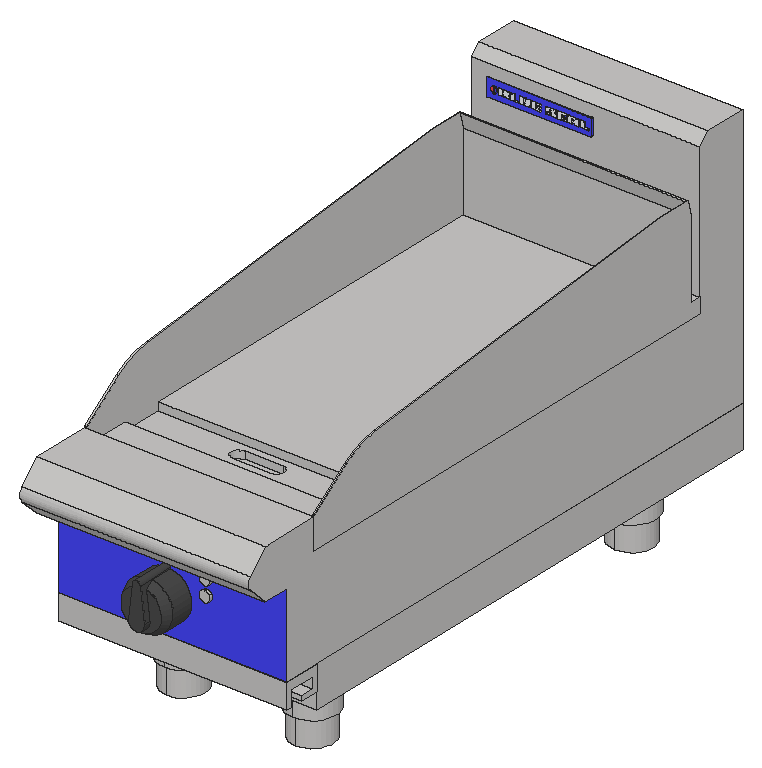
Revit family "QF_MOFFAT_BLUESEAL_CE_E512C-B", category Specialty Equipment, Revit 2012
Parameters
  Width = 300 mm
  Weight in Pounds = 70  # constant formula
  Watts = 3400 W
  Volts = 230 V
  URL Cutsheet = "www.moffat.com"
  URL = "www.moffat.com"
  Type Mark [instance] = ""
  Status [instance] = ""
  Specification by User [instance] = ""
  Specification by Manufacturer = ""
  Show Logo [instance] = yes
  Serial Number = ""
  Seismic Rating = ""
  SMACNA No = ""
  Revision Code [instance] = ""
  Phase = 1
  Omniclass Number and Title = ""
  Number of Poles = 1
  NAFEM Spec ID Number = ""
  Model = "E512C-B"
  Min Ckt Ampacity = 0 A
  Max Overcurrent Protection = 0 A
  Masterspec = ""
  Manufacturer = "MOFFAT BLUESEAL"
  Keynote = ""
  Item Number [instance] = ""
  Installed By [instance] = ""
  Identify Quantity as Lot [instance] = yes
  HP = ""
  Furnished By [instance] = ""
  Foodservice Equipment Identifier [instance] = yes
  FL Amps = 14.2 A
  Elec Conn RI Height = 0 mm
  Elec Conn Connection Height = 0 mm
  Description = "300MM ELECTRIC GRIDDLE PLATE BENCH MOUNT"
  Depth = 812 mm
  Cycle = 50 Hz
  Conn Plug = ""
  Conn Conduit = yes
  CSI MasterFormat = ""
  CSI Master Format = ""
  Base Height [instance] = 85 mm
  Apparent Power = if(Phase = 3, Volts * FL Amps * 1.73, Volts * FL Amps)  # 3266 VA
Reference planes
  plane 1 "BACK": y = 0
  plane 2: z = 0
  plane 3 "LEFT": x = 0
  plane 4 "RIGHT": x = 300
  plane 5 "FRONT": y = -812
  plane 6 "TOP": z = 370
  plane 7 "Center Y": x = 150
  plane 8 "Center X": y = -406
  plane 9 "Base Height": z = 85
  plane 10: x = 200
  plane 11: z = 110
  plane 12: y = -31
  plane 13: z = 485
  plane 14: y = -100
  plane 15: y = -625
Forms (mm)
  Extrusion 1, solid, material "QF_Finishes_Stainless Steel"
    sketch origin (0, 0, 0) x (0, 1, 0) y (0, 0, 1)
      loop
        line (-749, 250) -> (-749, 140) -> (0, 140) -> (0, 485) -> (-57.5, 485) -> (-70, 472.5) -> (-70, 275) -> (-705, 275) -> (-705, 315) -> (-783.97, 315) -> (-808.485, 290.485)
        arc (-808.485, 290.485) -> (-811.999, 282) -> (-808.485, 273.515) r 12
        line (-808.485, 273.515) -> (-784.97, 250) -> (-749, 250)
      loop
        line (0, 85) -> (0, 139.206) -> (-699, 139.206) -> (-699, 85) -> (0, 85)
      loop
        line (-749, 139.206) -> (-749, 107.019) -> (-742.6, 107.019) -> (-742.6, 127.806) -> (-706.181, 127.806) -> (-706.181, 113.419) -> (-724.781, 113.419) -> (-724.781, 107.019) -> (-699.806, 107.019) -> (-699.806, 139.206) -> (-749, 139.206)
    from 0 to 300
  Revolve 2, solid, material "QF_Finishes_Stainless Steel"
    sketch origin (234.5, -728, 0) x (0, 1, 0) y (0, 0, -1)
      loop
        line (71.25, -85) -> (103, -85) -> (103, 0) -> (75.5, 0) -> (75.5, -35) -> (71.25, -35) -> (71.25, -85)
      axis (103, -85) -> (103, 0)
    angle from 0 to 360
  Revolve 3, solid, material "QF_Finishes_Stainless Steel"
    sketch origin (234.5, -211, 0) x (0, 1, 0) y (0, 0, -1)
      loop
        line (79.25, -85) -> (111, -85) -> (111, 0) -> (83.5, 0) -> (83.5, -35) -> (79.25, -35) -> (79.25, -85)
      axis (111, -85) -> (111, 0)
    angle from 0 to 360
  Revolve 4, solid, material "QF_Finishes_Stainless Steel"
    sketch origin (65.5, -728, 0) x (0, 1, 0) y (0, 0, 1)
      loop
        line (71.25, 85) -> (71.25, 35) -> (75.5, 35) -> (75.5, 0) -> (103, 0) -> (103, 85) -> (71.25, 85)
      axis (103, 85) -> (103, 0)
    angle from 0 to 360
  Revolve 5, solid, material "QF_Finishes_Stainless Steel"
    sketch origin (65.5, -211, 0) x (0, 1, 0) y (0, 0, 1)
      loop
        line (79.25, 85) -> (79.25, 35) -> (83.5, 35) -> (83.5, 0) -> (111, 0) -> (111, 85) -> (79.25, 85)
      axis (111, 85) -> (111, 0)
    angle from 0 to 360
  Revolve 6, solid, material "QF_Finishes_Black"
    sketch origin (150, 0, 22.808) x (0, -1, 0) y (0, 0, -1)
      loop
        line (789, -204.605) -> (800, -198.757) -> (800, -172.105) -> (749, -172.105) -> (749, -177.105) -> (759, -177.105) -> (759, -204.605) -> (789, -204.605)
      axis (800, -172.105) -> (749, -172.105)
    angle from 0 to 360
  Extrusion 7, solid, material "QF_Finishes_Black"
    sketch origin (290.933, 0, -79.102) x (-1, 0, 0) y (0, 0, -1)
      loop
        line (130.512, -263.597) -> (135.932, -306.515)
        arc (135.932, -306.515) -> (140.931, -311.402) -> (145.93, -306.515) r 5
        line (145.93, -306.515) -> (151.418, -262.43)
        arc (151.418, -262.43) -> (140.347, -251.931) -> (130.512, -263.597) r 10.487
    from 759 to 808
  Extrusion 8, solid, material "QF_Finishes_Stainless Steel"
    sketch origin (0, 0, 85) x (-1, 0, 0) y (0, 1, 0)
      loop
        circle (-200.073, -32) r 6.35
    from 0 to 1.6
  Extrusion 9, solid, material "QF_Finishes_Stainless Steel"
    sketch origin (16.607, -749, 266) x (0, 0, -1) y (1, 0, 0)
      loop
        circle (40.7, 178.4) r 7.15
      loop
        circle (60.7, 178.4) r 7.15
    from 0 to 3.2
Cuts and joins
  joined: Revolve 6, Extrusion 7
Lines and regions (mm)
  Split face 1
    outline origin (0, -56.5, 485) x (0, 1, 0) y (-1, 0, 0)
      loop
        arc (38.115, -32.794) -> (33.115, -24.134) -> (23.115, -24.134) r 10
        line (23.115, -24.134) -> (16.115, -28.176)
        arc (16.115, -28.176) -> (12.455, -31.836) -> (11.115, -36.836) r 10
        line (11.115, -36.836) -> (11.115, -264.794)
        arc (11.115, -264.794) -> (16.115, -273.455) -> (26.115, -273.455) r 10
        line (26.115, -273.455) -> (33.115, -269.413)
        arc (33.115, -269.413) -> (36.775, -265.753) -> (38.115, -260.753) r 10
        line (38.115, -260.753) -> (38.115, -32.794)
  symbolic lines
    curve 1: line (0, 0, 0) -> (0, -812, 0)
    curve 2: line (300, 0, 0) -> (0, 0, 0)
    curve 3: line (300, -812, 0) -> (300, 0, 0)
    curve 4: line (0, -70, 0) -> (300, -70, 0)
    curve 5: line (0, -812, 0) -> (300, -812, 0)
    curve 6: line (300, -705, 0) -> (0, -705, 0)
    curve 7: line (0, -783.97, 0) -> (300, -783.97, 0)
    curve 8: line (0, -57.5, 0) -> (300, -57.5, 0)
    curve 9: line (2, -705, 0) -> (2, -85, 0)
    curve 10: line (2, -85, 0) -> (0, -85, 0)
    curve 11: line (298, -85, 0) -> (300, -85, 0)
    curve 12: line (298, -85, 0) -> (298, -705, 0)
    curve 13: line (260.753, -18.385, 0) -> (32.794, -18.385, 0)
    curve 14: arc (32.794, -18.385, 0) -> (24.134, -23.385, 0) -> (24.134, -33.385, 0) r 10
    curve 15: line (24.134, -33.385, 0) -> (28.176, -40.385, 0)
    curve 16: arc (28.176, -40.385, 0) -> (31.836, -44.045, 0) -> (36.836, -45.385, 0) r 10
    curve 17: line (36.836, -45.385, 0) -> (264.794, -45.385, 0)
    curve 18: arc (264.794, -45.385, 0) -> (273.455, -40.385, 0) -> (273.455, -30.385, 0) r 10
    curve 19: line (273.455, -30.385, 0) -> (269.413, -23.385, 0)
    curve 20: arc (269.413, -23.385, 0) -> (265.753, -19.725, 0) -> (260.753, -18.385, 0) r 10
Dimensions and locks
  equal spacing: plane 3 "LEFT", plane 7 "Center Y", plane 4 "RIGHT"
  "Width": plane 3 "LEFT" to plane 4 "RIGHT"
  equal spacing: plane 5 "FRONT", plane 8 "Center X", plane 1 "BACK"
  "Depth": plane 5 "FRONT" to plane 1 "BACK"
  equal spacing: plane 4 "RIGHT", plane 7 "Center Y", plane 3 "LEFT"
  plane 4 "RIGHT" to plane 3 "LEFT" = 300 mm
  plane 5 "FRONT" to plane 1 "BACK" = 812 mm
  "Base Height": plane 9 "Base Height" to level
  Revolve 6 sketch curve to Revolve 6 sketch curve to Revolve 6 sketch curve to Revolve 6 sketch curve = 5.849 mm locked, 21.651 mm locked, 5 mm locked
  plane 10 to plane 4 "RIGHT" = 100 mm
  plane 11 to level = 110 mm
  plane 12 to plane 1 "BACK" = 31 mm
  locked: plane 13 to plane 9 "Base Height" at 400
  plane 15 to plane 14 = 525 mm
  aligned and locked: level to plane 2
  aligned and locked: curve 3 to plane 4 "RIGHT"
  aligned and locked: Revolve 6 sketch curve to Extrusion 1
  aligned and locked: Extrusion 1 sketch curve to plane 13
Automatic sketch dimensions
  plane 1 "BACK" to curve 1 = 0 mm
  curve 1 to plane 3 "LEFT" = 0 mm
  plane 5 "FRONT" to curve 5 = 0 mm
  plane 3 "LEFT" to curve 9 = 2 mm
  curve 15 to plane 12 = 2.385 mm
  plane 3 "LEFT" to curve 15 = 24.134 mm
  curve 15 to curve 16 = 4.041 mm
  curve 14 to curve 13 = 8.66 mm
  curve 15 to curve 17 = 8.66 mm
  plane 12 to curve 20 = 12.615 mm
  plane 4 "RIGHT" to curve 20 = 39.247 mm
  curve 20 to curve 18 = 4.041 mm
  plane 12 to curve 19 = 7.615 mm
  curve 20 to curve 19 = 8.66 mm
  plane 12 to curve 18 = 0.615 mm
  curve 19 to curve 18 = 4.041 mm
  plane 4 "RIGHT" to curve 12 = 2 mm
  curve 7 to plane 5 "FRONT" = 28.03 mm
  curve 7 to curve 6 = 78.97 mm
  plane 14 to curve 10 = 15 mm
  plane 14 to curve 11 = 15 mm
  curve 11 to curve 4 = 15 mm
  curve 4 to curve 8 = 12.5 mm
  curve 18 to plane 12 = 14.385 mm
  curve 16 to curve 15 = 7 mm
  Extrusion 1 sketch curve to plane 9 "Base Height" = 0 mm
  Extrusion 1 sketch curve to plane 1 "BACK" = 0 mm  (x2)
  Extrusion 1 sketch curve to plane 12 = 26.5 mm
  Extrusion 1 sketch curve to Extrusion 1 sketch curve = 12.5 mm
  plane 11 to Extrusion 1 sketch curve = 29.206 mm
  Extrusion 1 sketch curve to plane 15 = 74 mm
  Extrusion 1 sketch curve to plane 11 = 2.981 mm  (x2)
  Extrusion 1 sketch curve to Extrusion 1 sketch curve = 0.806 mm
  Extrusion 1 sketch curve to plane 15 = 80 mm
  Extrusion 1 sketch curve to Extrusion 1 sketch curve = 6.376 mm
  Extrusion 1 sketch curve to Extrusion 1 sketch curve = 18.6 mm
  Extrusion 1 sketch curve to Extrusion 1 sketch curve = 17.819 mm
  Extrusion 1 sketch curve to Extrusion 1 sketch curve = 6.4 mm
  Extrusion 1 sketch curve to Extrusion 1 sketch curve = 0 mm  (x2)
  Extrusion 1 sketch curve to plane 5 "FRONT" = 28.03 mm
  Extrusion 1 sketch curve to plane 5 "FRONT" = 27.03 mm
  Extrusion 1 sketch curve to plane 5 "FRONT" = 12.001 mm
  Extrusion 1 sketch curve to plane 5 "FRONT" = 3.515 mm  (x2)
  plane 11 to Extrusion 1 sketch curve = 3.419 mm
  plane 11 to Extrusion 1 sketch curve = 17.806 mm
  Extrusion 1 sketch curve to Extrusion 1 sketch curve = 0.794 mm
  Extrusion 1 sketch curve to Extrusion 1 sketch curve = 110 mm
  Extrusion 1 sketch curve to Extrusion 1 sketch curve = 23.515 mm
  Extrusion 1 sketch curve to plane 6 "TOP" = 95 mm
  Extrusion 1 sketch curve to Extrusion 1 sketch curve = 8.485 mm
  Extrusion 1 sketch curve to Extrusion 1 sketch curve = 24.515 mm
  Extrusion 1 sketch curve to plane 13 = 12.5 mm
  Revolve 2 sketch curve to plane 9 "Base Height" = 0 mm
  Revolve 2 sketch curve to level = 0 mm
  Revolve 2 sketch curve to plane 15 = 0 mm  (x2)
  Revolve 2 sketch curve to plane 15 = 27.5 mm
  Revolve 2 sketch curve to plane 15 = 31.75 mm
  Revolve 2 sketch curve to Revolve 2 sketch curve = 30 mm
  Revolve 2 sketch curve to Revolve 2 sketch curve = 20 mm
  Revolve 2 sketch curve to Revolve 2 sketch curve = 55 mm
  Revolve 3 sketch curve to plane 9 "Base Height" = 0 mm
  Revolve 3 sketch curve to level = 0 mm
  Revolve 3 sketch curve to plane 14 = 0 mm  (x2)
  Revolve 3 sketch curve to Revolve 3 sketch curve = 27.5 mm
  Revolve 3 sketch curve to Revolve 3 sketch curve = 31.75 mm
  Revolve 3 sketch curve to Revolve 3 sketch curve = 30 mm
  Revolve 3 sketch curve to Revolve 3 sketch curve = 20 mm
  Revolve 3 sketch curve to Revolve 3 sketch curve = 55 mm
  Revolve 4 sketch curve to plane 9 "Base Height" = 0 mm
  Revolve 4 sketch curve to level = 0 mm
  Revolve 4 sketch curve to plane 15 = 0 mm  (x2)
  Revolve 4 sketch curve to Revolve 4 sketch curve = 27.5 mm
  Revolve 4 sketch curve to Revolve 4 sketch curve = 31.75 mm
  Revolve 4 sketch curve to Revolve 4 sketch curve = 55 mm
  level to Revolve 4 sketch curve = 35 mm
  Revolve 4 sketch curve to Revolve 4 sketch curve = 30 mm
  Revolve 5 sketch curve to plane 9 "Base Height" = 0 mm
  Revolve 5 sketch curve to level = 0 mm
  Revolve 5 sketch curve to plane 14 = 0 mm  (x2)
  Revolve 5 sketch curve to Revolve 5 sketch curve = 27.5 mm
  Revolve 5 sketch curve to Revolve 5 sketch curve = 31.75 mm
  Revolve 5 sketch curve to Revolve 5 sketch curve = 55 mm
  level to Revolve 5 sketch curve = 35 mm
  Revolve 5 sketch curve to Revolve 5 sketch curve = 30 mm
  Revolve 6 sketch curve to Revolve 6 sketch curve = 10 mm
  Revolve 6 sketch curve to Revolve 6 sketch curve = 21.3 mm
  Revolve 6 sketch curve to plane 5 "FRONT" = 23 mm
  Revolve 6 sketch curve to plane 5 "FRONT" = 12 mm
  Revolve 6 sketch curve to Revolve 6 sketch curve = 0 mm  (x2)
  plane 11 to Revolve 6 sketch curve = 117.413 mm
  plane 7 "Center Y" to Extrusion 7 sketch curve = 10.422 mm
  Extrusion 7 sketch curve to Extrusion 7 sketch curve = 5.421 mm
  Extrusion 7 sketch curve to Extrusion 7 sketch curve = 10.419 mm
  Extrusion 7 sketch curve to Extrusion 7 sketch curve = 4.999 mm  (x2)
  Extrusion 7 sketch curve to Extrusion 7 sketch curve = 10.487 mm
  plane 11 to Extrusion 7 sketch curve = 117.413 mm
  Extrusion 7 sketch curve to Extrusion 7 sketch curve = 0.113 mm
  Extrusion 7 sketch curve to Extrusion 7 sketch curve = 42.919 mm
  Extrusion 7 sketch curve to Extrusion 7 sketch curve = 1.167 mm
  Extrusion 1 to Extrusion 8 sketch curve = 32 mm
  Extrusion 8 sketch curve to Extrusion 1 = 99.927 mm
  Extrusion 9 sketch curve to Extrusion 1 = 24.7 mm
  Extrusion 9 sketch curve to Extrusion 9 sketch curve = 20 mm
  Extrusion 1 to Extrusion 9 sketch curve = 195.007 mm
  Extrusion 9 sketch curve to Extrusion 9 sketch curve = 0 mm
  Split face 1 sketch curve to Extrusion 1 = 12.115 mm
  Split face 1 sketch curve to Split face 1 sketch curve = 5 mm  (x3)
  Split face 1 sketch curve to Split face 1 sketch curve = 10 mm  (x2)
  Split face 1 sketch curve to Split face 1 sketch curve = 7 mm  (x4)
  Split face 1 sketch curve to Extrusion 1 = 26.545 mm
  Split face 1 sketch curve to Split face 1 sketch curve = 4.041 mm  (x2)
  Split face 1 sketch curve to Extrusion 1 = 36.836 mm
  radius of Extrusion 8 sketch curve = 6.35 mm
  radius of Extrusion 9 sketch curve = 7.15 mm  (x2)
Nested families
  nested 1: "WALDORF LOGO_FACE BASE" at (20.878, -70, 457.385) x (1, 0, 0) z (0, -1, 0), visible <- "Show Logo", type "WALDORF LOGO_FACE BASE", detail levels medium+fine
    with Show Logo yes
  nested 2: "ELECTRICAL GRIDDLE PLATE 300" at (0, -85, 274.5), type "ELECTRICAL GRIDDLE PLATE 300"
    with Width 300 mm, Type Mark "", Status "", Specification by User "", Revision Code "", Item Number "", Installed By "", Identify Quantity as Lot yes, Furnished By "", Foodservice Equipment Identifier yes, Depth 620 mm
Connectors
  electrical at (200.073, -32, 83.4), driven by "Volts", driven by "Watts"
    settings: on Extrusion 8, index 1, voltage 230 V, apparent load 3400 VA, apparent load phase1 0 VA, apparent load phase2 0 VA, apparent load phase3 0 VA, power factor 1, load classification "Other", number of poles 1, system type 30, power factor state 1, is connector primary yes, connector utility no, sub classification motor no, connector description "ELECTRICAL CONNECTION"
Definition of nested family "WALDORF LOGO_FACE BASE"
  Parameters (values of type "WALDORF LOGO_FACE BASE")
    Show Logo [instance] = yes
    Default Elevation = 1219.2 mm
  Reference planes
    plane 1 "Center (Front/Back)": y = 0
    plane 2: z = 0
    plane 3 "Center (Left/Right)": x = 0
  Forms (mm)
    Extrusion 1, solid
      sketch origin (0, 0, 0) x (1, 0, 0) y (0, 1, 0)
        loop
          line (-1219.2, 1219.2) -> (-1219.2, -1219.2) -> (1219.2, -1219.2) -> (1219.2, 1219.2) -> (-1219.2, 1219.2)
      from 0 to -304.8
    Extrusion 2, solid, material "QF_Finishes_Blue", visible <- "Show Logo"
      sketch origin (0, -33.217, 0) x (1, 0, 0) y (0, 1, 0)
        loop
          arc (138, 31.942) -> (137.626, 32.844) -> (136.724, 33.217) r 1.276
          line (136.724, 33.217) -> (1.29, 33.217)
          arc (1.29, 33.217) -> (0.378, 32.839) -> (0, 31.927) r 1.29
          line (0, 31.927) -> (0, 11.507)
          arc (0, 11.507) -> (0.378, 10.595) -> (1.29, 10.217) r 1.29
          line (1.29, 10.217) -> (136.71, 10.217)
          arc (136.71, 10.217) -> (137.622, 10.595) -> (138, 11.507) r 1.29
          line (138, 11.507) -> (138, 31.942)
      from 0 to 1.588
    Extrusion 3, solid, material "QF_Finishes_White", visible <- "Show Logo"
      sketch origin (0, -33.217, 1.588) x (1, 0, 0) y (0, 1, 0)
        loop
          arc (108.946, 25.919) -> (107.613, 25.367) -> (107.061, 24.034) r 1.885
          line (107.061, 24.034) -> (107.061, 17.211) -> (112.704, 17.211) -> (112.704, 19.129) -> (115.546, 19.129) -> (115.546, 17.211) -> (121.584, 17.211) -> (121.584, 24.075)
          arc (121.584, 24.075) -> (121.043, 25.379) -> (119.739, 25.919) r 1.845
          line (119.739, 25.919) -> (108.946, 25.919)
        loop
          line (123.478, 25.919) -> (123.478, 17.163) -> (134.904, 17.163) -> (134.904, 19.129) -> (129.246, 19.129) -> (129.246, 25.919) -> (123.478, 25.919)
        loop
          line (112.704, 21.258) -> (115.546, 21.258) -> (115.546, 22.702)
          arc (115.546, 22.702) -> (115.344, 23.188) -> (114.858, 23.389) r 0.687
          line (114.858, 23.389) -> (113.363, 23.389)
          arc (113.363, 23.389) -> (112.897, 23.196) -> (112.704, 22.73) r 0.658
          line (112.704, 22.73) -> (112.704, 21.258)
        loop
          line (105.071, 25.919) -> (93.771, 25.919) -> (93.771, 17.163) -> (105.071, 17.163) -> (105.071, 19.063) -> (99.535, 19.063) -> (99.535, 20.437) -> (105.071, 20.437) -> (105.071, 22.278) -> (99.535, 22.278) -> (99.535, 23.587) -> (105.071, 23.587) -> (105.071, 25.919)
        loop
          line (91.104, 25.919) -> (79.541, 25.919)
          arc (79.541, 25.919) -> (78.558, 25.513) -> (78.152, 24.53) r 1.389
          line (78.152, 24.53) -> (78.152, 22.08)
          arc (78.152, 22.08) -> (78.558, 21.098) -> (79.541, 20.691) r 1.389
          line (79.541, 20.691) -> (86.346, 20.691) -> (86.346, 18.864) -> (83.266, 18.864) -> (83.266, 19.664) -> (78.152, 19.664) -> (78.152, 18.553)
          arc (78.152, 18.553) -> (78.558, 17.57) -> (79.541, 17.163) r 1.389
          line (79.541, 17.163) -> (91.063, 17.163)
          arc (91.063, 17.163) -> (92.045, 17.57) -> (92.452, 18.553) r 1.389
          line (92.452, 18.553) -> (92.452, 20.691)
          arc (92.452, 20.691) -> (92.045, 21.673) -> (91.063, 22.08) r 1.389
          line (91.063, 22.08) -> (83.266, 22.08) -> (83.266, 23.984) -> (86.346, 23.984) -> (86.346, 22.743) -> (92.452, 22.743) -> (92.452, 24.571)
          arc (92.452, 24.571) -> (92.057, 25.524) -> (91.104, 25.919) r 1.348
        loop
          line (70.705, 25.919) -> (59.405, 25.919) -> (59.405, 17.163) -> (70.705, 17.163) -> (70.705, 19.063) -> (65.169, 19.063) -> (65.169, 20.437) -> (70.705, 20.437) -> (70.705, 22.278) -> (65.169, 22.278) -> (65.169, 23.587) -> (70.705, 23.587) -> (70.705, 25.919)
        loop
          line (57.598, 25.919) -> (51.7, 25.919) -> (51.7, 20.18)
          arc (51.7, 20.18) -> (50.63, 19.11) -> (49.56, 20.18) r 1.07
          line (49.56, 20.18) -> (49.56, 25.919) -> (43.663, 25.919) -> (43.663, 19.049)
          arc (43.663, 19.049) -> (44.215, 17.716) -> (45.548, 17.163) r 1.885
          line (45.548, 17.163) -> (55.71, 17.163)
          arc (55.71, 17.163) -> (57.045, 17.716) -> (57.598, 19.051) r 1.887
          line (57.598, 19.051) -> (57.598, 25.919)
        loop
          line (31.62, 25.919) -> (31.62, 17.163) -> (43.046, 17.163) -> (43.046, 19.129) -> (37.388, 19.129) -> (37.388, 25.919) -> (31.62, 25.919)
        loop
          line (15.969, 25.919) -> (15.969, 17.163) -> (28.693, 17.163)
          arc (28.693, 17.163) -> (29.812, 17.627) -> (30.276, 18.746) r 1.582
          line (30.276, 18.746) -> (30.276, 20.447) -> (29.48, 21.243) -> (30.276, 22.039) -> (30.276, 24.332)
          arc (30.276, 24.332) -> (29.811, 25.454) -> (28.688, 25.919) r 1.587
          line (28.688, 25.919) -> (15.969, 25.919)
        loop
          line (21.449, 24.159) -> (21.449, 22.436) -> (23.862, 22.436)
          arc (23.862, 22.436) -> (24.723, 23.298) -> (23.862, 24.159) r 0.861
          line (23.862, 24.159) -> (21.449, 24.159)
        loop
          line (21.449, 20.244) -> (21.449, 18.522) -> (23.862, 18.522)
          arc (23.862, 18.522) -> (24.723, 19.383) -> (23.862, 20.244) r 0.861
          line (23.862, 20.244) -> (21.449, 20.244)
      from 0 to 0.2
    Extrusion 4, solid, material "QF_Finishes_Blue", visible <- "Show Logo"
      sketch origin (-126.498, -31.09, 1.588) x (1, 0, 0) y (0, 1, 0)
        loop
          line (136.738, 23.522) -> (136.738, 15.1)
          arc (136.738, 15.1) -> (140.756, 19.311) -> (136.738, 23.522) r 4.216
      from 0 to 0.2
    Extrusion 5, solid, material "QF_Finishes_Red", visible <- "Show Logo"
      sketch origin (146.849, -31.09, 1.588) x (-1, 0, 0) y (0, -1, 0)
        loop
          arc (136.738, -23.522) -> (140.756, -19.311) -> (136.738, -15.1) r 4.216
          line (136.738, -15.1) -> (136.738, -23.522)
      from 0 to 0.2
  Lines and regions (mm)
    Split face 1
      outline origin (-90.35, -30.793, 1.588) x (1, 0, 0) y (0, 1, 0)
        loop
          circle (100.54, 19.013) r 4.536
  Dimensions and locks
    aligned and locked: plane 2 to Extrusion 1
    aligned and locked: level to Extrusion 1
Definition of nested family "ELECTRICAL GRIDDLE PLATE 300"
  Parameters (values of type "ELECTRICAL GRIDDLE PLATE 300")
    Width [instance] = 300 mm
    Weight in Pounds = 0
    URL Cutsheet = ""
    Type Mark [instance] = ""
    Status [instance] = ""
    Specification by User [instance] = ""
    Specification by Manufacturer = ""
    Serial Number = ""
    Seismic Rating = ""
    SMACNA No = ""
    Revision Code [instance] = ""
    Omniclass Number and Title = ""
    NAFEM Spec ID Number = ""
    Masterspec = ""
    Item Number [instance] = ""
    Installed By [instance] = ""
    Identify Quantity as Lot [instance] = yes
    Furnished By [instance] = ""
    Foodservice Equipment Identifier [instance] = yes
    Depth [instance] = 620 mm
    CSI MasterFormat = ""
    CSI Master Format = ""
  Reference planes
    plane 1 "BACK": y = 0
    plane 2: z = 0
    plane 3 "LEFT": x = 0
    plane 4 "RIGHT": x = 300
    plane 5 "FRONT": y = -620
    plane 6 "TOP": z = 142.5
    plane 7 "Center Y": x = 150
    plane 8 "Center X": y = -310
    plane 9: y = -530.997
    plane 10: y = -541.497
    plane 11: y = -503.25
    plane 12: y = -557.737
  Forms (mm)
    Extrusion 1, solid, material "QF_Finishes_Stainless Steel"
      sketch origin (0, 70.003, -874.5) x (0, 1, 0) y (0, 0, 1)
        loop
          line (-70, 875) -> (-70, 997.489) -> (-75.228, 1017) -> (-117.24, 1017) -> (-589.533, 971.523)
          arc (-589.533, 971.523) -> (-614.56, 965.803) -> (-637.306, 953.899) r 100
          line (-637.306, 953.899) -> (-690.003, 917) -> (-690.003, 875) -> (-70, 875)
      from 0 to 1.8
    Extrusion 2, solid, material "QF_Finishes_Stainless Steel"
      sketch origin (600, 70.003, -874.5) x (0, -1, 0) y (0, 0, 1)
        loop
          line (70, 875) -> (690.003, 875) -> (690.003, 917) -> (637.306, 953.899)
          arc (637.306, 953.899) -> (614.56, 965.803) -> (589.533, 971.523) r 100
          line (589.533, 971.523) -> (117.24, 1017) -> (75.228, 1017) -> (70, 997.489) -> (70, 875)
      from 300 to 301.2
    Extrusion 3, solid, material "QF_Finishes_Stainless Steel"
      sketch origin (150, 70.003, -874.5) x (0, 1, 0) y (0, 0, 1)
        loop
          line (-55, 895) -> (-573.253, 895) -> (-573.253, 884.5) -> (-627.74, 884.5) -> (-627.74, 895) -> (-690.003, 895) -> (-690.003, 875) -> (-55, 875) -> (-55, 895)
      from -148.2 to 150
    Extrusion 4, void
      sketch origin (150, -541.497, 10) x (0, -1, 0) y (1, 0, 0)
        loop
          arc (-7.497, 25) -> (-17.497, 35) -> (-27.497, 25) r 10
          line (-27.497, 25) -> (-27.497, -25)
          arc (-27.497, -25) -> (-17.497, -35) -> (-7.497, -25) r 10
          line (-7.497, -25) -> (-7.497, 25)
      from -41.4 to 40.142
    Extrusion 5, solid, material "QF_Finishes_Stainless Steel"
      sketch origin (0, 70.003, -874.5) x (0, 1, 0) y (0, 0, 1)
        loop
          line (-70, 875) -> (-70, 997.489) -> (-75.228, 1017) -> (-76.884, 1017) -> (-71.6, 997.278) -> (-71.6, 875) -> (-70, 875)
      from 0 to 298.8
  Cuts and joins
    Extrusion 4 cuts Extrusion 3
    joined: Extrusion 1, Extrusion 2, Extrusion 3, Extrusion 5
  Lines and regions (mm)
    symbolic lines
      curve 1: line (298.8, -503.25, 0) -> (1.8, -503.25, 0)
      curve 2: line (1.8, -557.737, 0) -> (298.8, -557.737, 0)
      curve 3: line (1.8, -1.68, 0) -> (298.8, -1.68, 0)
      curve 4: line (298.8, -1.68, 0) -> (298.8, -620, 0)
      curve 5: line (1.8, -620, 0) -> (1.8, -1.68, 0)
      curve 6: line (1.8, -620, 0) -> (298.8, -620, 0)
      curve 7: arc (175, -534, 0) -> (185, -524, 0) -> (175, -514, 0) r 10
      curve 8: line (175, -514, 0) -> (125, -514, 0)
      curve 9: arc (125, -514, 0) -> (115, -524, 0) -> (125, -534, 0) r 10
      curve 10: line (125, -534, 0) -> (175, -534, 0)
  Dimensions and locks
    equal spacing: plane 3 "LEFT", plane 7 "Center Y", plane 4 "RIGHT"
    "Width": plane 3 "LEFT" to plane 4 "RIGHT"
    equal spacing: plane 5 "FRONT", plane 8 "Center X", plane 1 "BACK"
    "Depth": plane 5 "FRONT" to plane 1 "BACK"
    locked: Extrusion 2 to Extrusion 2 at 1.2
    equal spacing: Extrusion 4 sketch curve, plane 7 "Center Y", Extrusion 4 sketch curve, locked at 35 each
    aligned and locked: level to plane 2
    aligned and locked: Extrusion 2 to plane 4 "RIGHT"
    aligned and locked: curve 1 to plane 11
    aligned and locked: plane 12 to curve 2
    aligned and locked: Extrusion 5 to cut or joined group of Extrusion 1, Extrusion 2, Extrusion 3, Extrusion 4, Extrusion 5
  Automatic sketch dimensions
    plane 5 "FRONT" to curve 6 = 0 mm
    plane 3 "LEFT" to curve 6 = 1.8 mm
    plane 11 to curve 8 = 10.75 mm
    curve 8 to plane 7 "Center Y" = 25 mm
    plane 7 "Center Y" to curve 7 = 25 mm
    plane 4 "RIGHT" to curve 4 = 1.2 mm
    curve 10 to curve 7 = 20 mm
    plane 1 "BACK" to curve 3 = 1.68 mm
    Extrusion 1 sketch curve to plane 5 "FRONT" = 0 mm
    Extrusion 1 sketch curve to plane 6 "TOP" = 0 mm
    plane 12 to Extrusion 1 sketch curve = 9.566 mm
    plane 11 to Extrusion 1 sketch curve = 16.28 mm
    Extrusion 1 sketch curve to level = 2.516 mm
    plane 11 to Extrusion 1 sketch curve = 6.695 mm
    plane 1 "BACK" to Extrusion 1 sketch curve = 47.237 mm
    plane 1 "BACK" to Extrusion 1 sketch curve = 5.225 mm
    Extrusion 1 sketch curve to plane 1 "BACK" = 0.003 mm
    level to Extrusion 1 sketch curve = 0.5 mm
    Extrusion 1 sketch curve to Extrusion 1 sketch curve = 42 mm
    Extrusion 1 sketch curve to plane 6 "TOP" = 63.101 mm
    Extrusion 1 sketch curve to plane 6 "TOP" = 19.511 mm
    Extrusion 2 sketch curve to plane 6 "TOP" = 0 mm
    Extrusion 2 sketch curve to plane 5 "FRONT" = 0 mm
    plane 12 to Extrusion 2 sketch curve = 9.566 mm
    plane 11 to Extrusion 2 sketch curve = 16.28 mm
    Extrusion 2 sketch curve to level = 2.516 mm
    plane 11 to Extrusion 2 sketch curve = 6.695 mm
    plane 1 "BACK" to Extrusion 2 sketch curve = 47.237 mm
    plane 1 "BACK" to Extrusion 2 sketch curve = 5.225 mm
    Extrusion 2 sketch curve to plane 1 "BACK" = 0.003 mm
    level to Extrusion 2 sketch curve = 0.5 mm
    Extrusion 2 sketch curve to Extrusion 2 sketch curve = 42 mm
    Extrusion 2 sketch curve to plane 6 "TOP" = 63.101 mm
    Extrusion 2 sketch curve to plane 6 "TOP" = 19.511 mm
    Extrusion 3 sketch curve to plane 5 "FRONT" = 0 mm
    Extrusion 3 sketch curve to plane 12 = 0 mm
    Extrusion 3 sketch curve to plane 11 = 0 mm
    Extrusion 3 sketch curve to plane 1 "BACK" = 15.003 mm
    level to Extrusion 3 sketch curve = 0.5 mm
    level to Extrusion 3 sketch curve = 10 mm
    Extrusion 3 sketch curve to Extrusion 3 sketch curve = 10.5 mm  (x2)
    plane 11 to Extrusion 4 sketch curve = 10.75 mm
    Extrusion 4 sketch curve to Extrusion 4 sketch curve = 10 mm
    Extrusion 4 sketch curve to plane 7 "Center Y" = 25 mm
    plane 1 "BACK" to Extrusion 5 sketch curve = 5.225 mm
    Extrusion 5 sketch curve to plane 1 "BACK" = 0.003 mm
    Extrusion 5 sketch curve to plane 6 "TOP" = 19.511 mm
    Extrusion 5 sketch curve to Extrusion 5 sketch curve = 1.6 mm
    Extrusion 5 sketch curve to Extrusion 5 sketch curve = 0.211 mm
    Extrusion 5 sketch curve to plane 6 "TOP" = 0 mm
    Extrusion 5 sketch curve to Extrusion 5 sketch curve = 1.656 mm
    level to Extrusion 5 sketch curve = 0.5 mm
